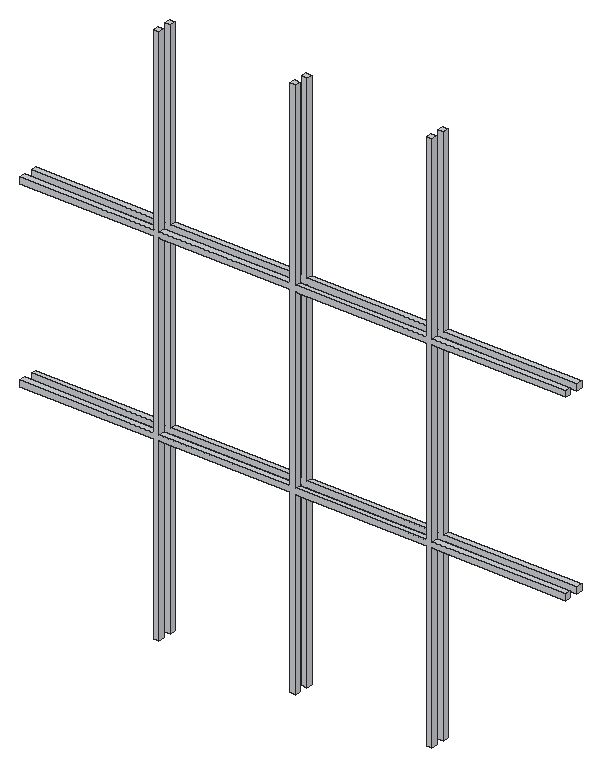
Revit family "cacb91469b1149c2b52c2a444f759964", category Generic Models, Revit 2021
Family settings
  Can host rebar = No
  Round Connector Dimension = Use Diameter
  Part Type = Normal
  Work Plane-Based = No
  Always vertical = Yes
  Cut with Voids When Loaded = No
  Shared = Yes
  Room Calculation Point = No
Parameters
  Width [instance] = 4' - 0"
  Thickness = 0' - 0 1/2"
  Height [instance] = 4' - 0"
  Interior Material [instance] = none
  Exterior Material [instance] = none
  Distance = 0' - 0 3/4"
  Default Elevation = 0' - 0"
Reference planes (in)
  plane 1 "Center (Front/Back)": y = 0
  plane 2: z = 0
  plane 3 "Center (Left/Right)": x = 0
  plane 4: z = 48
  plane 5: x = -24
  plane 6: x = 24
  plane 7 "a": y = 0.375
  plane 8 "b": y = -0.375
  plane 9: x = -0.25
  plane 10: x = 0.25
  plane 11: x = -12
  plane 12: x = 12
  plane 13: x = -12.25
  plane 14: x = -11.75
  plane 15: x = 11.75
  plane 16: x = 12.25
  plane 17: y = 0.875
  plane 18: y = -0.875
  plane 19: z = 16
  plane 20: z = 16.25
  plane 21: z = 15.75
  plane 22: z = 32
  plane 23: z = 32.25
  plane 24: z = 31.75
Forms (in)
  Extrusion 1, solid, material <- "Exterior Material", detail levels fine
    sketch origin (0, 0.375, 0) x (-1, 0, 0) y (0, 0, 1)
      loop
        line (12.25, 48) -> (11.75, 48) -> (11.75, 32.25) -> (0.25, 32.25) -> (0.25, 48) -> (-0.25, 48) -> (-0.25, 32.25) -> (-11.75, 32.25) -> (-11.75, 48) -> (-12.25, 48) -> (-12.25, 32.25) -> (-24, 32.25) -> (-24, 31.75) -> (-12.25, 31.75) -> (-12.25, 16.25) -> (-24, 16.25) -> (-24, 15.75) -> (-12.25, 15.75) -> (-12.25, 0) -> (-11.75, 0) -> (-11.75, 15.75) -> (-0.25, 15.75) -> (-0.25, 0) -> (0.25, 0) -> (0.25, 15.75) -> (11.75, 15.75) -> (11.75, 0) -> (12.25, 0) -> (12.25, 15.75) -> (24, 15.75) -> (24, 16.25) -> (12.25, 16.25) -> (12.25, 31.75) -> (24, 31.75) -> (24, 32.25) -> (12.25, 32.25) -> (12.25, 48)
      loop
        line (11.75, 16.25) -> (11.75, 31.75) -> (0.25, 31.75) -> (0.25, 16.25) -> (11.75, 16.25)
      loop
        line (-0.25, 16.25) -> (-0.25, 31.75) -> (-11.75, 31.75) -> (-11.75, 16.25) -> (-0.25, 16.25)
    from 0 to 0.5
  Extrusion 2, solid, material <- "Interior Material", detail levels fine
    sketch origin (0, -0.375, 0) x (-1, 0, 0) y (0, 0, 1)
      loop
        line (12.25, 48) -> (11.75, 48) -> (11.75, 32.25) -> (0.25, 32.25) -> (0.25, 48) -> (-0.25, 48) -> (-0.25, 32.25) -> (-11.75, 32.25) -> (-11.75, 48) -> (-12.25, 48) -> (-12.25, 32.25) -> (-24, 32.25) -> (-24, 31.75) -> (-12.25, 31.75) -> (-12.25, 16.25) -> (-24, 16.25) -> (-24, 15.75) -> (-12.25, 15.75) -> (-12.25, 0) -> (-11.75, 0) -> (-11.75, 15.75) -> (-0.25, 15.75) -> (-0.25, 0) -> (0.25, 0) -> (0.25, 15.75) -> (11.75, 15.75) -> (11.75, 0) -> (12.25, 0) -> (12.25, 15.75) -> (24, 15.75) -> (24, 16.25) -> (12.25, 16.25) -> (12.25, 31.75) -> (24, 31.75) -> (24, 32.25) -> (12.25, 32.25) -> (12.25, 48)
      loop
        line (11.75, 16.25) -> (11.75, 31.75) -> (0.25, 31.75) -> (0.25, 16.25) -> (11.75, 16.25)
      loop
        line (-0.25, 16.25) -> (-0.25, 31.75) -> (-11.75, 31.75) -> (-11.75, 16.25) -> (-0.25, 16.25)
    from 0 to -0.5
Lines and regions (in)
  model lines, detail levels medium
    curve 1: line (0, 0.375, 48) -> (0, 0.375, 0)
    curve 2: line (-12, 0.375, 48) -> (-12, 0.375, 0)
    curve 3: line (12, 0.375, 48) -> (12, 0.375, 0)
    curve 4: line (0, -0.375, 48) -> (0, -0.375, 0)
    curve 5: line (-12, -0.375, 48) -> (-12, -0.375, 0)
    curve 6: line (12, -0.375, 48) -> (12, -0.375, 0)
    curve 7: line (-24, 0.375, 16) -> (24, 0.375, 16)
    curve 8: line (-24, -0.375, 16) -> (24, -0.375, 16)
    curve 9: line (-24, 0.375, 32) -> (24, 0.375, 32)
    curve 10: line (-24, -0.375, 32) -> (24, -0.375, 32)
Dimensions and locks (in)
  equal spacing: plane 6, plane 3 "Center (Left/Right)", plane 5
  "Width": plane 6 to plane 5
  "Height": plane 4 to plane 2
  equal spacing: plane 7 "a", plane 1 "Center (Front/Back)", plane 8 "b"
  "Distance": plane 7 "a" to plane 8 "b"
  equal spacing: plane 3 "Center (Left/Right)", plane 11, plane 5
  equal spacing: plane 6, plane 12, plane 3 "Center (Left/Right)"
  locked: plane 9 to plane 3 "Center (Left/Right)" at 0.25
  locked: plane 10 to plane 3 "Center (Left/Right)" at 0.25
  locked: plane 11 to plane 13 at 0.25
  locked: plane 14 to plane 11 at 0.25
  locked: plane 12 to plane 15 at 0.25
  locked: plane 16 to plane 12 at 0.25
  "Thickness": plane 17 to plane 7 "a"
  "Thickness": plane 8 "b" to plane 18
  locked: plane 20 to plane 19 at 0.25
  locked: plane 19 to plane 21 at 0.25
  equal spacing: plane 4, plane 22, plane 19, plane 2
  locked: plane 23 to plane 22 at 0.25
  locked: plane 22 to plane 24 at 0.25
  aligned and locked: plane 2 to level
  aligned and locked: plane 4 to curve 1
  aligned and locked: plane 2 to curve 1
  aligned and locked: plane 13 to Extrusion 1 sketch curve
  aligned and locked: plane 4 to Extrusion 1 sketch curve  (x3)
  aligned and locked: plane 14 to Extrusion 1 sketch curve
  aligned and locked: plane 2 to Extrusion 1 sketch curve  (x3)
  aligned and locked: plane 9 to Extrusion 1 sketch curve
  aligned and locked: plane 10 to Extrusion 1 sketch curve
  aligned and locked: plane 15 to Extrusion 1 sketch curve
  aligned and locked: plane 16 to Extrusion 1 sketch curve
  aligned and locked: plane 11 to curve 2
  aligned and locked: plane 12 to curve 3
  aligned and locked: plane 2 to curve 2
  aligned and locked: plane 2 to curve 3
  aligned and locked: plane 4 to curve 3
  aligned and locked: plane 4 to curve 2
  aligned and locked: Extrusion 1 to plane 17
  aligned and locked: Extrusion 2 to plane 18
  aligned and locked: plane 20 to Extrusion 2 sketch curve
  aligned and locked: plane 21 to Extrusion 2 sketch curve
  aligned and locked: plane 5 to Extrusion 2 sketch curve  (x2)
  aligned and locked: plane 6 to Extrusion 2 sketch curve  (x2)
  aligned and locked: plane 5 to Extrusion 1 sketch curve  (x2)
  aligned and locked: plane 20 to Extrusion 1 sketch curve
  aligned and locked: plane 21 to Extrusion 1 sketch curve
  aligned and locked: plane 6 to Extrusion 1 sketch curve  (x2)
  aligned and locked: plane 19 to curve 7
  aligned and locked: plane 6 to curve 7
  aligned and locked: plane 5 to curve 7
  aligned and locked: plane 19 to curve 8
  aligned and locked: plane 6 to curve 8
  aligned and locked: plane 5 to curve 8
  aligned and locked: plane 23 to Extrusion 2 sketch curve
  aligned and locked: plane 24 to Extrusion 2 sketch curve
  aligned and locked: plane 23 to Extrusion 1 sketch curve
  aligned and locked: plane 24 to Extrusion 1 sketch curve
  aligned and locked: plane 22 to curve 9
  aligned and locked: plane 6 to curve 9
  aligned and locked: plane 5 to curve 9
  aligned and locked: plane 22 to curve 10
  aligned and locked: plane 6 to curve 10
  aligned and locked: plane 5 to curve 10
Automatic sketch dimensions
  curve 1 to plane 3 "Center (Left/Right)" = 0' - 0"
  Extrusion 2 sketch curve to plane 4 = 0' - 0"  (x3)
  Extrusion 2 sketch curve to plane 16 = 0' - 0"  (x3)
  Extrusion 2 sketch curve to plane 15 = 0' - 0"  (x3)
  Extrusion 2 sketch curve to level = 0' - 0"  (x3)
  plane 10 to Extrusion 2 sketch curve = 0' - 0"  (x3)
  plane 9 to Extrusion 2 sketch curve = 0' - 0"  (x3)
  Extrusion 2 sketch curve to plane 14 = 0' - 0"  (x3)
  Extrusion 2 sketch curve to plane 13 = 0' - 0"  (x3)
  curve 6 to level = 0' - 0"
  curve 6 to plane 12 = 0' - 0"
  curve 4 to level = 0' - 0"
  curve 4 to plane 3 "Center (Left/Right)" = 0' - 0"
  curve 5 to level = 0' - 0"
  curve 5 to plane 11 = 0' - 0"
  curve 6 to plane 4 = 0' - 0"
  curve 5 to plane 4 = 0' - 0"
  curve 4 to plane 4 = 0' - 0"
  Extrusion 2 sketch curve to plane 20 = 0' - 0"  (x3)
  Extrusion 2 sketch curve to plane 21 = 0' - 0"  (x3)
  Extrusion 2 sketch curve to plane 24 = 0' - 0"  (x3)
  Extrusion 2 sketch curve to plane 23 = 0' - 0"  (x3)
  Extrusion 1 sketch curve to plane 16 = 0' - 0"  (x2)
  Extrusion 1 sketch curve to plane 15 = 0' - 0"  (x2)
  plane 10 to Extrusion 1 sketch curve = 0' - 0"  (x2)
  plane 9 to Extrusion 1 sketch curve = 0' - 0"  (x2)
  Extrusion 1 sketch curve to plane 14 = 0' - 0"  (x2)
  Extrusion 1 sketch curve to plane 13 = 0' - 0"  (x2)
  Extrusion 1 sketch curve to plane 21 = 0' - 0"  (x3)
  Extrusion 1 sketch curve to plane 20 = 0' - 0"  (x3)
  Extrusion 1 sketch curve to plane 24 = 0' - 0"  (x3)
  Extrusion 1 sketch curve to plane 23 = 0' - 0"  (x3)
